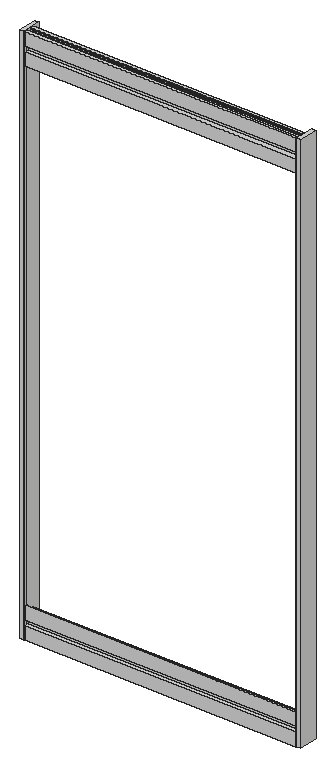
Revit family "Work_Tools-Teknion-AFWF_Focus_Wall_Frame-R2019", category Furniture, Revit 2019
Family settings
  OmniClass Number = 23.40.20.00
  OmniClass Title = General Furniture and Specialties
  Work Plane-Based = No
  Always vertical = Yes
  Cut with Voids When Loaded = No
  Shared = Yes
  Room Calculation Point = No
Parameters (values of type "48" Height")
  Width [instance] = 24.000"
  Warranty = "http://www.teknion.com/ca/papers/legal-canada"
  Unit Weight URL = "http://www.teknion.com/ca/tools/assets#&asset=bee6a381-b954-425e-8283-5a2de3a804f2,f828d448-4b62-4231-9e5f-9a8991c0ed77"
  URL = "www.teknion.com"
  To render please download texture images found here [instance] = "https://assets.teknion.com/web/5e81352c1dfdb467/revit-material-swatches/"
  Sustainability Data = "https://www.teknion.com/ca/tools/assets#&topic=216f99a5-57a0-44fc-b10a-9dee9b29ae4c&asset=444deb64-fe58-4b68-981e-f75e97781df7,b4ff2d81-9f2e-437d-9659-7cffb09c31cf"
  Series = "Tables & Collaborative Spaces"  # constant formula
  Product Page URL = "https://www.teknion.com/ca/products/product-details?productLineId=0191336e-8e7a-673b-a6c8-ff00004460c4"
  Product Line = "Tables & Collaborative Spaces"  # constant formula
  Product Documentation Link = "https://www.teknion.com/pricing/tables/pdfs/AFWF_ppg.pdf"
  Part Number = "AFWF"  # constant formula
  Model = "AFWF42__"
  Manufacturer Phone = "416-661-3370"  # constant formula
  Manufacturer Fax = "416.661.4586"  # constant formula
  Manufacturer Contact Information = "http://www.teknion.com/ca/contactus"
  Manufacturer Address = "1150 Flint Road, Toronto, ON. M3J 2J5. Canada"  # constant formula
  Manufacturer = "Teknion"  # constant formula
  How To Use Teknion Materials User Guide [instance] = "https://assets.teknion.com/m/205dd0a49fa58060/original/How-to-add-a-Material-Library-and-Texture-Images-to-your-Revit-project.pdf"
  Height = 78.250"
  For Additional Finishes please visit [instance] = "https://assets.teknion.com/m/44a8009b046e5d47/original/Teknion_Materials_Library.zip"
  Description = "Focus Wall Frame, 42\" Height"
  Connection node Visibility [instance] = yes
  Available Widths [instance] = "24\", 30\", 36\", 42\", 48\", 54\", 60\", 66\", 72\", 78\", 84\", 90\", 96\", 102\", 108\", 114\", 120\", 126\", 132\", 138\", 144\", 150\", 156\", 162\", 168\", 174\", 180\", 186\", 192\", 198\", 204\", 210\", 216\", 222\", 228\", 234\", or 240\""  # constant formula
  Assembly Code = "E2020200"
Types (3): name | Width | Height
  (no name) | 24.000" | 78.250"
  42" Height | 24.00004" | 72.250"
  48" Height | 24.000" | 78.250"
Reference planes (in)
  plane 1 "Center Front/Back": y = 0
  plane 2: z = 0
  plane 3 "Center Left/Right": x = 0
  plane 4 "Left": x = -12.35433
  plane 5 "Right": x = 12.35433
  plane 6 "Back": y = 0.902
  plane 7 "Front": y = -0.902
  plane 8 "Top": z = 78.25
  plane 9: x = -12
  plane 10: x = 12
Forms (in)
  Sweep 1, solid, material "Metal - Teknion - AC - Clear Anodized"
    path origin (0, 0, 0) x (1, 0, 0) y (0, 0, 1)
      loop
        line (0, 30.25) -> (0, 78.25)
    profile origin (0, 0, 54.25) x (-1, 0, 0) y (0, -1, 0)
      loop
        line (12, 0.77208) -> (12, -0.75154) -> (12.35433, -0.75154) -> (12.35433, 0.902) -> (12, 0.902) -> (11.94488, 0.88231) -> (11.94488, 0.77208) -> (12, 0.77208)
      loop
        line (-12, 0.77208) -> (-11.94488, 0.77208) -> (-11.94488, 0.88231) -> (-12, 0.902) -> (-12.35433, 0.902) -> (-12.35433, -0.75154) -> (-12, -0.75154) -> (-12, 0.77208)
  Sweep 2, solid, material "Metal - Teknion - AC - Clear Anodized"
    path origin (0, 0, 0) x (1, 0, 0) y (0, 1, 0)
      loop
        line (-11.94488, 0) -> (11.94488, 0)
    profile origin (0, 0, 0) x (0, 1, 0) y (0, 0, 1)
      loop
        line (-0.66578, 78.17126) -> (-0.66578, 78.25) -> (-0.902, 78.25) -> (-0.902, 77.11614) -> (-0.49649, 77.11614) -> (-0.49649, 76.62795) -> (-0.902, 76.62795) -> (-0.902, 75.49409) -> (-0.82326, 75.49409) -> (-0.82326, 75.9941) -> (0.0232, 75.9941) -> (0.0232, 78.25) -> (-0.21302, 78.25) -> (-0.21302, 78.17126) -> (-0.05554, 78.17126) -> (-0.05554, 77.91535) -> (-0.82326, 77.91535) -> (-0.82326, 78.17126) -> (-0.66578, 78.17126)
      loop
        line (-0.66578, 30.32874) -> (-0.82326, 30.32874) -> (-0.82326, 30.58464) -> (-0.05554, 30.58464) -> (-0.05554, 30.32874) -> (-0.21302, 30.32874) -> (-0.21302, 30.25) -> (0.0232, 30.25) -> (0.0232, 32.5059) -> (-0.82326, 32.5059) -> (-0.82326, 33.00591) -> (-0.902, 33.00591) -> (-0.902, 31.87205) -> (-0.49649, 31.87205) -> (-0.49649, 31.38385) -> (-0.902, 31.38385) -> (-0.902, 30.25) -> (-0.66578, 30.25) -> (-0.66578, 30.32874)
Lines and regions (in)
  Masking region 1
    outline origin (0, 0, 0) x (1, 0, 0) y (0, 1, 0)
      loop
        line (-12, 0.75154) -> (-12.35433, 0.75154) -> (-12.35433, -0.902) -> (-12, -0.902) -> (-11.94488, -0.88231) -> (-11.94488, -0.77208) -> (-12, -0.77208) -> (-12, 0.75154)
      loop
        line (12, 0.75154) -> (12, -0.77208) -> (11.94488, -0.77208) -> (11.94488, -0.88231) -> (12, -0.902) -> (12.35433, -0.902) -> (12.35433, 0.75154) -> (12, 0.75154)
  Masking region 2
    outline origin (0, 0, 0) x (1, 0, 0) y (0, 1, 0)
      loop
        line (11.94488, 0.0232) -> (-11.94488, 0.0232) -> (-11.94488, -0.902) -> (11.94488, -0.902) -> (11.94488, 0.0232)
  reference lines
    curve 1: line (12, 0.902, 0) -> (12, -0.902, 0)
    curve 2: line (12.35433, 0.902, 0) -> (12.35433, -0.902, 0)
    curve 3: line (-12, 0.902, 0) -> (-12, -0.902, 0)
    curve 4: line (-12.35433, 0.902, 0) -> (-12.35433, -0.902, 0)
Dimensions and locks (in)
  plane 4 "Left" to plane 5 "Right" = 24.70866"
  plane 6 "Back" to plane 7 "Front" = 1.804"
  "Height": plane 8 "Top" to level
  equal spacing: plane 6 "Back", plane 1 "Center Front/Back", plane 7 "Front"
  locked: plane 4 "Left" to plane 9 at 0.35433
  "Width": plane 9 to plane 10
  equal spacing: plane 9, plane 3 "Center Left/Right", plane 10
  locked: plane 10 to plane 5 "Right" at 0.35433
  locked: Sweep 1 sketch curve to level at 30.25
  locked: plane 8 "Top" to Sweep 1 sketch curve at 0
  plane 4 "Left" to Sweep 1 sketch curve to Sweep 1 sketch curve to Sweep 1 sketch curve to Sweep 1 sketch curve = 0.000" locked, 0.35433" locked, 0.000" locked, 0.05512" locked
  Sweep 1 sketch curve to Sweep 1 sketch curve to Sweep 1 sketch curve to plane 5 "Right" to Sweep 1 sketch curve = 0.05512" locked, 0.000" locked, 0.35433" locked, 0.000" locked
  Sweep 1 sketch curve to Sweep 1 sketch curve to Sweep 1 sketch curve to plane 1 "Center Front/Back" to Sweep 1 sketch curve = 0.01969" locked, 0.11024" locked, 0.77208" locked, 0.75154" locked  (x2)
  locked: Sweep 2 sketch curve to plane 5 "Right" at 0.40945
  locked: plane 4 "Left" to Sweep 2 sketch curve at 0.40945
  Sweep 2 sketch curve to plane 1 "Center Front/Back" to Sweep 2 sketch curve to Sweep 2 sketch curve to Sweep 2 sketch curve to Sweep 2 sketch curve to Sweep 2 sketch curve to Sweep 2 sketch curve to Sweep 2 sketch curve to Sweep 2 sketch curve = 0.0232" locked, 0.05554" locked, 0.15748" locked, 0.28346" locked, 0.16929" locked, 0.15748" locked, 0.000" locked, 0.07874" locked, 0.000" locked
  Sweep 2 sketch curve to Sweep 2 sketch curve to Sweep 2 sketch curve to Sweep 2 sketch curve to Sweep 2 sketch curve to Sweep 2 sketch curve to Sweep 2 sketch curve to Sweep 2 sketch curve to Sweep 2 sketch curve = 0.07874" locked, 0.15748" locked, 0.28346" locked, 0.16929" locked, 0.15748" locked, 0.000" locked, 0.07874" locked, 0.000" locked
  Sweep 2 sketch curve to plane 8 "Top" to Sweep 2 sketch curve to Sweep 2 sketch curve to Sweep 2 sketch curve to Sweep 2 sketch curve to Sweep 2 sketch curve to Sweep 2 sketch curve to Sweep 2 sketch curve to Sweep 2 sketch curve = 0.000" locked, 0.000" locked, 0.07874" locked, 0.000" locked, 0.25591" locked, 0.79921" locked, 0.48819" locked, 0.63385" locked, 0.500" locked
  level to Sweep 2 sketch curve to Sweep 2 sketch curve to Sweep 2 sketch curve to Sweep 2 sketch curve to Sweep 2 sketch curve to Sweep 2 sketch curve to Sweep 2 sketch curve to Sweep 2 sketch curve to Sweep 2 sketch curve = 30.250" locked, 0.000" locked, 0.07874" locked, 0.000" locked, 0.25591" locked, 0.79921" locked, 0.48819" locked, 0.63385" locked, 0.500" locked
  aligned and locked: level to plane 2
  aligned and locked: nested 1 to plane 9
  aligned and locked: nested 1 to plane 6 "Back"
  aligned and locked: nested 2 to plane 6 "Back"
  aligned and locked: nested 2 to plane 10
  aligned and locked: plane 3 "Center Left/Right" to Sweep 1 sketch curve
  aligned and locked: plane 1 "Center Front/Back" to Sweep 2 sketch curve
  aligned and locked: Masking region 1 sketch curve to Sweep 1  (x14)
  aligned and locked: Masking region 2 sketch curve to Sweep 2  (x4)
  aligned and locked: curve 1 to plane 10
  aligned and locked: curve 2 to plane 5 "Right"
  aligned and locked: curve 3 to plane 9
  aligned and locked: curve 4 to plane 4 "Left"
Automatic sketch dimensions
  Sweep 2 sketch curve to profile plane = 0.0232"
  plane 7 "Front" to curve 1 = 0.000"
  curve 1 to plane 6 "Back" = 0.000"
  plane 7 "Front" to curve 2 = 0.000"
  curve 2 to plane 6 "Back" = 0.000"
  plane 7 "Front" to curve 3 = 0.000"
  curve 3 to plane 6 "Back" = 0.000"
  plane 7 "Front" to curve 4 = 0.000"
  curve 4 to plane 6 "Back" = 0.000"
Nested families (in)
  nested 1: "Teknion_2D_Node_Family-R2016" at (-12, 0.902, 0), visible <- "Connection node Visibility", type "Teknion_2D_Node_Family-R2016"
  nested 2: "Teknion_2D_Node_Family-R2016" at (12, 0.902, 0), visible <- "Connection node Visibility", type "Teknion_2D_Node_Family-R2016"
Definition of nested family "Teknion_2D_Node_Family-R2016"
  Reference planes (in)
    plane 1 "Center (Front/Back)": y = 0
    plane 2: z = 0
    plane 3 "Center (Left/Right)": x = 0
  Lines and regions (in)
    detail lines, in view "Ref. Level"
      curve 1: circle (0, 0, 0) r 1.25 normal (0, 0, 1)
      curve 2: line (1.91508, -1.91508, 0) -> (-1.91508, 1.91508, 0)
      curve 3: line (-1.91508, -1.91508, 0) -> (1.91508, 1.91508, 0)
